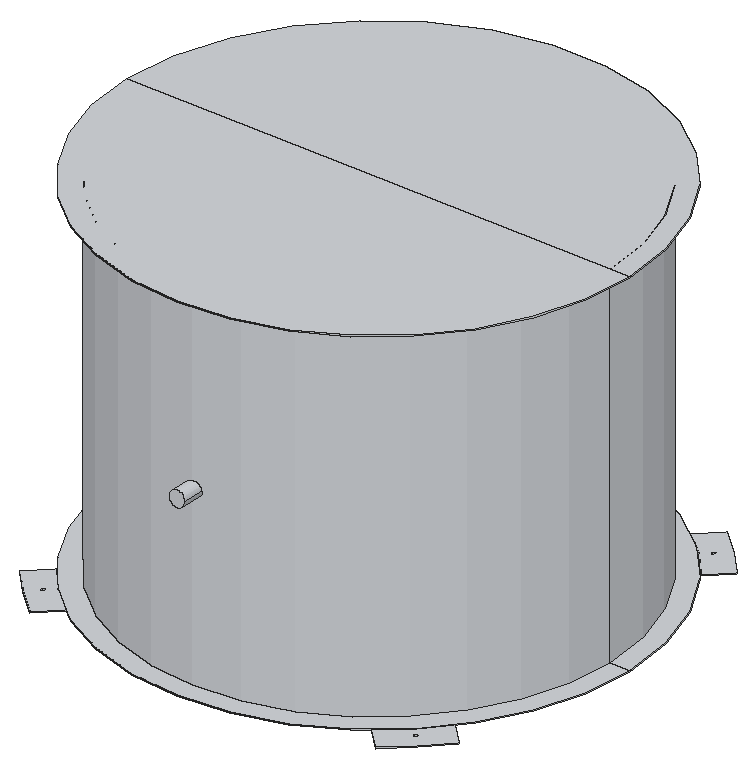
Revit family "VAD_Downblast_Floor_Mount", category Mechanical Equipment, Revit 2019
Family settings
  Round Connector Dimension = Use Radius
  Part Type = Normal
  Work Plane-Based = No
  Always vertical = Yes
  Cut with Voids When Loaded = No
  Shared = No
  Room Calculation Point = No
Parameters (values of type "60_VAD_DOWNBLAST_FLOOR")
  Unit Weight [instance] = ""
  ModelID [instance] = ""
  L/2 = L / 2  # 2' - 0 7/32"
  J/2 = J / 2  # 2' - 10 1/4"
  J-A = J - A  # 0' - 8 1/2"
  J = 5' - 8 1/2"
  K/2 = K / 2  # 0' - 0 7/32"
  K = 0' - 0 7/16"
  L-(C/2) = L - (C / 2)  # 1' - 4 13/16"
  L = 4' - 0 7/16"
  H-(A/2) = H - (A / 2)  # 2' - 11"
  H+L = H + L  # 9' - 5 7/16"
  H = 5' - 5"
  Sones [instance] = ""
  Motor RPM [instance] = ""
  Motor Enclosure [instance] = ""
  LwA [instance] = ""
  G = 16' - 0"
  Fan RPM [instance] = ""
  F/2 = F / 2  # 0' - 0 9/32"
  F = 0' - 0 9/16"
  E/2 = E / 2  # 1' - 11"
  E-2" = E - 0' 2"  # 3' - 8"
  E-.125" = E - 0' 0 1/8"  # 3' - 9 7/8"
  E = 3' - 10"
  C/2+L = C / 2 + L  # 6' - 8 1/16"
  C/2 = C / 2  # 2' - 7 5/8"
  C = 5' - 3 1/4"
  B/2 = B / 2  # 2' - 8 23/32"
  B = 5' - 5 7/16"
  Accessories [instance] = ""
  A/3 = A / 2.5  # 2' - 0"
  A/2 = A / 2  # 2' - 6"
  A = 5' - 0"
  60 = 60.00°  # constant formula
  45 = 45.00°
  30 = 30.00°  # constant formula
  3" = 0' - 3"  # constant formula
  Brake Hp [instance] = ""
  4" = 0' - 4"  # constant formula
  2' = 2' - 0"
  2" = 0' - 2"  # constant formula
  1" = 0' - 1"  # constant formula
  0 = 0' - 0"  # constant formula
  Voltage [instance] = 0 V
  URL = "www.lorencook.com"
  Type Comments = "Fixed Pitch Vane Axial Downblast Floor Mount Direct Drive Arrangement 4"  # constant formula
  Static Pressure [instance] = 0.00 in-wg
  Power [instance] = Voltage * Motor FLA * sqrt(if(Phase = 3, 3, 1))  # 0 VA
  Phase [instance] = 0
  Number of Poles [instance] = 1
  Motor Hp [instance] = "0"
  Motor FLA [instance] = 0 A
  Model = "VAD"  # constant formula
  Manufacturer = "Loren Cook Company"
  CFM [instance] = 0 CFM
  1.5 = 0' - 1 1/2"  # constant formula
  ONE EIGTH = 0' - 0 1/8"  # constant formula
  -E/2 = -E / 2  # -1' - 11"
  -(E-.25")/2 = -(E - 0' 0 1/4") / 2  # -1' - 10 7/8"
  (L/2)-1" = (L / 2) - 0' 1"  # 1' - 11 7/32"
  (J-A)/2 = (J - A) / 2  # 0' - 4 1/4"
  (J+(J-A))/2 = (J + (J / 2 - A / 2)) / 2  # 3' - 0 3/8"
  (H-(A/2))/2 = (H - (A / 2)) / 2  # 1' - 5 1/2"
  (E-.25")/2 = (E - 0' 0 1/4") / 2  # 1' - 10 7/8"
  (A+.25")/2 = (A + 0' 0 1/4") / 2  # 2' - 6 1/8"
Types (10): name | L/2 | J/2 | J-A | J | K/2 | K | L-(C/2) | L | H-(A/2) | H+L | H | G | F/2 | F | E/2 | E-2" | E-.125" | E | C/2+L | C/2 | C | B/2 | B | A/3 | A/2 | A | -E/2 | -(E-.25")/2 | (L/2)-1" | (J-A)/2 | (J+(J-A))/2 | (H-(A/2))/2 | (E-.25")/2 | (A+.25")/2
  (no name) | 2' - 0 7/32" | 2' - 10 1/4" | 0' - 8 1/2" | 5' - 8 1/2" | 0' - 0 7/32" | 0' - 0 7/16" | 1' - 4 13/16" | 4' - 0 7/16" | 2' - 11" | 9' - 5 7/16" | 5' - 5" | 16' - 0" | 0' - 0 9/32" | 0' - 0 9/16" | 1' - 11" | 3' - 8" | 3' - 9 7/8" | 3' - 10" | 6' - 8 1/16" | 2' - 7 5/8" | 5' - 3 1/4" | 2' - 8 23/32" | 5' - 5 7/16" | 2' - 0" | 2' - 6" | 5' - 0" | -1' - 11" | -1' - 10 7/8" | 1' - 11 7/32" | 0' - 4 1/4" | 3' - 0 3/8" | 1' - 5 1/2" | 1' - 10 7/8" | 2' - 6 1/8"
  18_VAD_DOWNBLAST_FLOOR | 0' - 8 7/32" | 0' - 11 5/8" | 0' - 5 1/4" | 1' - 11 1/4" | 0' - 0 3/16" | 0' - 0 3/8" | 0' - 6 9/16" | 1' - 4 7/16" | 1' - 6 1/4" | 3' - 7 11/16" | 2' - 3 1/4" | 12' - 0" | 0' - 0 7/32" | 0' - 0 7/16" | 0' - 9 1/2" | 1' - 5" | 1' - 6 7/8" | 1' - 7" | 2' - 2 5/16" | 0' - 9 7/8" | 1' - 7 3/4" | 0' - 10 5/8" | 1' - 9 1/4" | 0' - 7.2" | 0' - 9" | 1' - 6" | -0' - 9 1/2" | -0' - 9 3/8" | 0' - 7 7/32" | 0' - 2 5/8" | 1' - 0 15/16" | 0' - 9 1/8" | 0' - 9 3/8" | 0' - 9 1/8"
  21_VAD_DOWNBLAST_FLOOR | 0' - 9 9/32" | 1' - 1 1/8" | 0' - 5 1/4" | 2' - 2 1/4" | 0' - 0 3/16" | 0' - 0 3/8" | 0' - 7 3/16" | 1' - 6 9/16" | 1' - 9" | 4' - 2 1/16" | 2' - 7 1/2" | 12' - 0" | 0' - 0 7/32" | 0' - 0 7/16" | 0' - 10" | 1' - 6" | 1' - 7 7/8" | 1' - 8" | 2' - 5 15/16" | 0' - 11 3/8" | 1' - 10 3/4" | 1' - 0 1/8" | 2' - 0 1/4" | 0' - 8.4" | 0' - 10 1/2" | 1' - 9" | -0' - 10" | -0' - 9 7/8" | 0' - 8 9/32" | 0' - 2 5/8" | 1' - 2 7/16" | 0' - 10 1/2" | 0' - 9 7/8" | 0' - 10 5/8"
  26_VAD_DOWNBLAST_FLOOR | 0' - 11 3/32" | 1' - 3 11/16" | 0' - 5 3/8" | 2' - 7 3/8" | 0' - 0 3/16" | 0' - 0 3/8" | 0' - 8 3/16" | 1' - 10 3/16" | 1' - 9 1/2" | 4' - 8 11/16" | 2' - 10 1/2" | 12' - 0" | 0' - 0 7/32" | 0' - 0 7/16" | 0' - 11" | 1' - 8" | 1' - 9 7/8" | 1' - 10" | 3' - 0 3/16" | 1' - 2" | 2' - 4" | 1' - 3 5/32" | 2' - 6 5/16" | 0' - 10.4" | 1' - 1" | 2' - 2" | -0' - 11" | -0' - 10 7/8" | 0' - 10 3/32" | 0' - 2 11/16" | 1' - 5 1/32" | 0' - 10 3/4" | 0' - 10 7/8" | 1' - 1 1/8"
  29_VAD_DOWNBLAST_FLOOR | 1' - 0 1/2" | 1' - 5 11/16" | 0' - 6 3/8" | 2' - 11 3/8" | 0' - 0 7/32" | 0' - 0 7/16" | 0' - 9 1/2" | 2' - 1" | 2' - 2" | 5' - 5 1/2" | 3' - 4 1/2" | 12' - 0" | 0' - 0 7/32" | 0' - 0 7/16" | 1' - 0 1/2" | 1' - 11" | 2' - 0 7/8" | 2' - 1" | 3' - 4 1/2" | 1' - 3 1/2" | 2' - 7" | 1' - 4 21/32" | 2' - 9 5/16" | 0' - 11.6" | 1' - 2 1/2" | 2' - 5" | -1' - 0 1/2" | -1' - 0 3/8" | 0' - 11 1/2" | 0' - 3 3/16" | 1' - 7 9/32" | 1' - 1" | 1' - 0 3/8" | 1' - 2 5/8"
  36_VAD_DOWNBLAST_FLOOR | 1' - 3 11/32" | 1' - 9 11/16" | 0' - 7 3/8" | 3' - 7 3/8" | 0' - 0 7/32" | 0' - 0 7/16" | 0' - 11 11/16" | 2' - 6 11/16" | 2' - 3 1/2" | 6' - 4 3/16" | 3' - 9 1/2" | 16' - 0" | 0' - 0 9/32" | 0' - 0 9/16" | 1' - 4" | 2' - 6" | 2' - 7 7/8" | 2' - 8" | 4' - 1 11/16" | 1' - 7" | 3' - 2" | 1' - 8 5/32" | 3' - 4 5/16" | 1' - 2.4" | 1' - 6" | 3' - 0" | -1' - 4" | -1' - 3 7/8" | 1' - 2 11/32" | 0' - 3 11/16" | 1' - 11 17/32" | 1' - 1 3/4" | 1' - 3 7/8" | 1' - 6 1/8"
  42_VAD_DOWNBLAST_FLOOR | 1' - 5 3/32" | 2' - 0 3/16" | 0' - 6 3/8" | 4' - 0 3/8" | 0' - 0 7/32" | 0' - 0 7/16" | 1' - 0" | 2' - 10 3/16" | 2' - 5 1/2" | 7' - 0 11/16" | 4' - 2 1/2" | 16' - 0" | 0' - 0 9/32" | 0' - 0 9/16" | 1' - 6 1/2" | 2' - 11" | 3' - 0 7/8" | 3' - 1" | 4' - 8 3/8" | 1' - 10 3/16" | 3' - 8 3/8" | 1' - 10 21/32" | 3' - 9 5/16" | 1' - 4.8" | 1' - 9" | 3' - 6" | -1' - 6 1/2" | -1' - 6 3/8" | 1' - 4 3/32" | 0' - 3 3/16" | 2' - 1 25/32" | 1' - 2 3/4" | 1' - 6 3/8" | 1' - 9 1/8"
  48_VAD_DOWNBLAST_FLOOR | 1' - 7 15/16" | 2' - 4 3/16" | 0' - 8 3/8" | 4' - 8 3/8" | 0' - 0 7/32" | 0' - 0 7/16" | 1' - 2 5/8" | 3' - 3 7/8" | 2' - 6" | 7' - 9 7/8" | 4' - 6" | 16' - 0" | 0' - 0 9/32" | 0' - 0 9/16" | 1' - 9" | 3' - 4" | 3' - 5 7/8" | 3' - 6" | 5' - 5 1/8" | 2' - 1 1/4" | 4' - 2 1/2" | 2' - 2 19/32" | 4' - 5 3/16" | 1' - 7.2" | 2' - 0" | 4' - 0" | -1' - 9" | -1' - 8 7/8" | 1' - 6 15/16" | 0' - 4 3/16" | 2' - 6 9/32" | 1' - 3" | 1' - 8 7/8" | 2' - 0 1/8"
  54_VAD_DOWNBLAST_FLOOR | 1' - 10 3/32" | 2' - 7 1/4" | 0' - 8 1/2" | 5' - 2 1/2" | 0' - 0 7/32" | 0' - 0 7/16" | 1' - 3 15/16" | 3' - 8 3/16" | 2' - 8 1/2" | 8' - 7 11/16" | 4' - 11 1/2" | 16' - 0" | 0' - 0 9/32" | 0' - 0 9/16" | 1' - 11" | 3' - 8" | 3' - 9 7/8" | 3' - 10" | 6' - 0 7/16" | 2' - 4 1/4" | 4' - 8 1/2" | 2' - 5 23/32" | 4' - 11 7/16" | 1' - 9.6" | 2' - 3" | 4' - 6" | -1' - 11" | -1' - 10 7/8" | 1' - 9 3/32" | 0' - 4 1/4" | 2' - 9 3/8" | 1' - 4 1/4" | 1' - 10 7/8" | 2' - 3 1/8"
  60_VAD_DOWNBLAST_FLOOR | 2' - 0 7/32" | 2' - 10 1/4" | 0' - 8 1/2" | 5' - 8 1/2" | 0' - 0 7/32" | 0' - 0 7/16" | 1' - 4 13/16" | 4' - 0 7/16" | 2' - 11" | 9' - 5 7/16" | 5' - 5" | 16' - 0" | 0' - 0 9/32" | 0' - 0 9/16" | 1' - 11" | 3' - 8" | 3' - 9 7/8" | 3' - 10" | 6' - 8 1/16" | 2' - 7 5/8" | 5' - 3 1/4" | 2' - 8 23/32" | 5' - 5 7/16" | 2' - 0" | 2' - 6" | 5' - 0" | -1' - 11" | -1' - 10 7/8" | 1' - 11 7/32" | 0' - 4 1/4" | 3' - 0 3/8" | 1' - 5 1/2" | 1' - 10 7/8" | 2' - 6 1/8"
Reference planes (in)
  plane 1 "Center (Front/Back)": y = 0
  plane 2: z = 0
  plane 3 "Center (Left/Right)": x = 0.40541
Forms (in)
  Revolve 1, solid
    sketch origin (0, 0, 0) x (1, 0, 0) y (0, 0, 1)
      loop
        line (0.40541, 0) -> (33.12416, 0) -> (33.12416, 0.125) -> (30.53041, 0.125) -> (30.53041, 45.875) -> (33.12416, 45.875) -> (33.12416, 46) -> (0.40541, 46) -> (0.40541, 0)
      axis (0.40541, 46) -> (0.40541, 0)
    angle from 0 to 360
  Extrusion 2, solid
    sketch origin (0, 0, 0) x (1, 0, 0) y (0, 1, 0)
      loop
        line (-19.52902, 25.94484) -> (-22.13423, 28.55005)
        arc (-22.13423, 28.55005) -> (-25.3156, 25.72101) -> (-28.14464, 22.53964) r 36.375
        line (-28.14464, 22.53964) -> (-25.53943, 19.93444)
        arc (-25.53943, 19.93444) -> (-22.73024, 23.13565) -> (-19.52902, 25.94484) r 32.71875
      loop
        arc (20.33985, 25.94484) -> (23.54106, 23.13565) -> (26.35026, 19.93444) r 32.71875
        line (26.35026, 19.93444) -> (28.95546, 22.53964)
        arc (28.95546, 22.53964) -> (26.12642, 25.72101) -> (22.94505, 28.55005) r 36.375
        line (22.94505, 28.55005) -> (20.33985, 25.94484)
      loop
        line (20.33985, -25.94484) -> (22.94505, -28.55005)
        arc (22.94505, -28.55005) -> (26.12642, -25.72101) -> (28.95546, -22.53964) r 36.375
        line (28.95546, -22.53964) -> (26.35026, -19.93444)
        arc (26.35026, -19.93444) -> (23.54106, -23.13565) -> (20.33985, -25.94484) r 32.71875
      loop
        arc (-19.52902, -25.94484) -> (-22.73024, -23.13565) -> (-25.53943, -19.93444) r 32.71875
        line (-25.53943, -19.93444) -> (-28.14464, -22.53964)
        arc (-28.14464, -22.53964) -> (-25.3156, -25.72101) -> (-22.13423, -28.55005) r 36.375
        line (-22.13423, -28.55005) -> (-19.52902, -25.94484)
    from 0 to 0.125
  Extrusion 3, void
    sketch origin (0, 0, 0) x (1, 0, 0) y (0, 1, 0)
      loop
        circle (24.62416, 24.21875) r 0.21875
      loop
        circle (-23.81334, 24.21875) r 0.21875
      loop
        circle (-23.81334, -24.21875) r 0.21875
      loop
        circle (24.62416, -24.21875) r 0.21875
    from 0 to 46 <- "E"
  Extrusion 4, solid
    sketch origin (0, 0, 0) x (1, 0, 0) y (0, 0, 1)
      loop
        circle (0.40541, 23) r 1
    from 0 to 32.71875 <- "B/2"
Cuts and joins
  Extrusion 3 cuts Revolve 1
  Extrusion 3 cuts Extrusion 2
Dimensions and locks (in)
  "0": Revolve 1 sketch curve to plane 3 "Center (Left/Right)"  (x2)
  "E": Revolve 1 sketch curve to Revolve 1 sketch curve
  "0": Revolve 1 sketch curve to level
  "ONE EIGTH": Revolve 1 sketch curve to Revolve 1 sketch curve  (x2)
  "(A+.25")/2": Revolve 1 sketch curve to Revolve 1 sketch curve
  "B/2": Revolve 1 sketch curve to Revolve 1 sketch curve  (x2)
  "(J-A)/2": plane 3 "Center (Left/Right)" to Extrusion 2 sketch curve  (x4)
  "(J-A)/2": Extrusion 2 sketch curve to plane 3 "Center (Left/Right)"  (x3)
  "0": Extrusion 2 sketch curve to plane 3 "Center (Left/Right)"  (x6)
  "0": Extrusion 2 sketch curve to plane 1 "Center (Front/Back)"  (x7)
  "0": plane 1 "Center (Front/Back)" to Extrusion 2 sketch curve
  "0": plane 3 "Center (Left/Right)" to Extrusion 2 sketch curve  (x2)
  "J-A": Extrusion 2 sketch curve to Extrusion 2 sketch curve
  "L/2": plane 3 "Center (Left/Right)" to Extrusion 3 sketch curve  (x4)
  "L/2": plane 1 "Center (Front/Back)" to Extrusion 3 sketch curve  (x4)
  "E/2": Extrusion 4 sketch curve to level
  "0": Extrusion 4 sketch curve to plane 3 "Center (Left/Right)"
  "B/2": radius of Extrusion 2 sketch curve  (x4)
  "(J+(J-A))/2": radius of Extrusion 2 sketch curve  (x4)
  "K/2": radius of Extrusion 3 sketch curve  (x4)
  "1"": radius of Extrusion 4 sketch curve
  "45": angle plane 3 "Center (Left/Right)" to Extrusion 2 sketch curve  (x2)
  "45": angle Extrusion 2 sketch curve to plane 1 "Center (Front/Back)"  (x2)
  "45": angle Extrusion 2 sketch curve to plane 3 "Center (Left/Right)"  (x2)
  "45": angle plane 1 "Center (Front/Back)" to Extrusion 2 sketch curve  (x2)
Automatic sketch dimensions
  Revolve 1 sketch curve to level = 0' - 0"
  Revolve 1 sketch curve to Revolve 1 sketch curve = 1' - 0"
Connectors (in)
  hvac at (0.40541, 0, 46), driven by "A/2"
    settings: on cut or joined group of Revolve 1, Extrusion 3, index 2, duct flow 0 CFM, flow factor 0, pres drop 0.00 in-wg, loss coef 0, conn angle 0.00°, conn width 12", conn height 12", conn diameter 60", duct sys type 29, conn prof type 0, flow config 0, flow direction 1, loss method 0, conn ref index -1, conn util no, is conn primary yes, conn desc ""
  hvac at (0.40541, 0, 0.125), driven by "A/2"
    settings: on cut or joined group of Revolve 1, Extrusion 3, index 3, duct flow 0 CFM, flow factor 0, pres drop 0.00 in-wg, loss coef 0, conn angle 0.00°, conn width 12", conn height 12", conn diameter 60", duct sys type 29, conn prof type 0, flow config 0, flow direction 2, loss method 0, conn ref index -1, conn util no, is conn primary no, conn desc ""
  electrical at (0.40541, -32.71875, 23)
    settings: on Extrusion 4, index 4, voltage 0 V, apparent load 0 VA, apparent load phase1 0 VA, apparent load phase2 0 VA, apparent load phase3 0 VA, power factor 1, load classification "Other", number of poles 1, system type 30, power factor state 1, is connector primary yes, connector utility no, sub classification motor no, connector description ""
